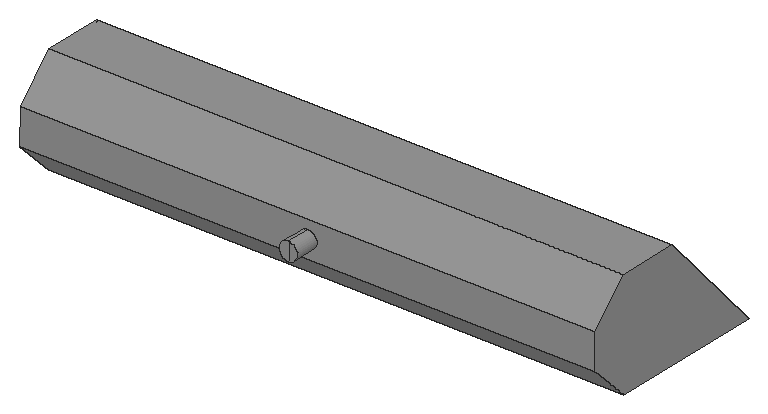
Revit family "Urinal-Wiloughby-1548-WWU", category Plumbing Fixtures, Revit 2015
Parameters (values of type "1548")
  Width = 4' - 0"
  Waste DIA = 1 1/2"
  Waste Connection = yes
  Vent Connection = no
  URL = "https://www.willoughby-ind.com/wp-content/uploads/2018/01/WWU-1500.pdf"
  Type Comments = ""
  Revision = "A"
  Model = "WWU-1548"
  Manufacturer = "Willoughby Industries"
  HW Connection = no
  Fixture Body = Stainless Steel AISI 304-Willoughby
  Description = "48\" Trough Urinal"
  Default Elevation = 0' - 0"
  Contact = "(800) 428-4065"
  CW Connection = no
  48" = yes
Reference planes (in)
  plane 1 "Center (Front/Back)Floor Level": y = 0
  plane 2: z = 0
  plane 3 "Center (Left/Right)": x = 0
  plane 4: x = -24
  plane 5: x = 24
  plane 6: y = 42
Forms (in)
  Extrusion 1, solid, material "Stainless Steel AISI 304-Willoughby" <- "Fixture Body"
    sketch origin (0, 0, 0) x (0, 1, 0) y (0, 0, 1)
      loop
        line (42, 0) -> (34, 9) -> (29, 9) -> (26, 6) -> (26, 3) -> (29, 0) -> (42, 0)
    from -24 to 24
  Revolve 2, solid, material "Stainless Steel AISI 304-Willoughby" <- "Fixture Body", detail levels medium+fine
    sketch origin (0, 0, 0) x (0, 1, 0) y (0, 0, 1)
      loop
        line (26, 4.5) -> (26, 5.25) -> (24, 5.25) -> (24, 4.5) -> (26, 4.5)
      axis (26, 4.5) -> (24, 4.5)
    angle from 0 to 360
  Extrusion 3, void
    sketch origin (0, 0, 0) x (0, 1, 0) y (0, 0, 1)
      loop
        line (42.78883, 0.09375) -> (42.78883, 8.90625) -> (29.03883, 8.90625) -> (26.09375, 5.96117) -> (26.09375, 3.03883) -> (29.03883, 0.09375) -> (42.78883, 0.09375)
    from -23.90625 to 23.90625
Cuts and joins
  Extrusion 3 cuts Extrusion 1
Lines and regions (in)
  symbolic lines
    curve 1: line (24, 26, 0) -> (-24, 26, 0)
    curve 2: line (-24, 26, 0) -> (-24, 42, 0)
    curve 3: line (-24, 42, 0) -> (24, 42, 0)
    curve 4: line (24, 42, 0) -> (24, 26, 0)
    curve 5: line (-24, 29, 0) -> (24, 29, 0)
    curve 19: line (-24, 26, 0) -> (-24, 42, 0)
    curve 22: line (-24, 34, 0) -> (24, 34, 0)
  symbolic lines, detail levels fine
    curve 6: line (-24, 34, 0) -> (24, 34, 0)
    curve 21: line (24, 26, 0) -> (-24, 26, 0)
  symbolic lines, detail levels medium+fine
    curve 7: line (24, 0, 0) -> (24, 0, 9)
    curve 8: line (24, 0, 9) -> (-24, 0, 9)
    curve 9: line (-24, 0, 9) -> (-24, 0, 0)
    curve 10: line (-24, 0, 0) -> (24, 0, 0)
    curve 11: line (24, 0, 6) -> (-24, 0, 6)
    curve 12: line (24, 0, 3) -> (-24, 0, 3)
    curve 13: line (0, 42, 0) -> (0, 34, 9)
    curve 14: line (0, 34, 9) -> (0, 29, 9)
    curve 15: line (0, 29, 9) -> (0, 26, 6)
    curve 16: line (0, 26, 6) -> (0, 26, 3)
    curve 17: line (0, 26, 3) -> (0, 29, 0)
    curve 18: line (0, 29, 0) -> (0, 42, 0)
    curve 20: line (24, 42, 0) -> (24, 26, 0)
    curve 23: line (-24, 29, 0) -> (24, 29, 0)
Dimensions and locks (in)
  "Width": plane 4 to plane 5
  equal spacing: plane 4, plane 3 "Center (Left/Right)", plane 5
  plane 1 "Center (Front/Back)Floor Level" to plane 6 = 3' - 6"
  plane 3 "Center (Left/Right)" to Extrusion 1 = 2' - 0"
  locked: cut or joined group of Extrusion 1, Extrusion 3 to plane 5 at 0.09375
  locked: cut or joined group of Extrusion 1, Extrusion 3 to cut or joined group of Extrusion 1, Extrusion 3 at 0.09375
  aligned and locked: Extrusion 1 to level
  aligned and locked: plane 4 to Extrusion 1
  aligned and locked: Extrusion 1 to plane 5
  aligned and locked: Revolve 2 sketch curve to Revolve 2 sketch curve  (x2)
  aligned and locked: curve 2 to curve 5
  aligned and locked: curve 5 to cut or joined group of Extrusion 1, Extrusion 3
  aligned and locked: curve 6 to cut or joined group of Extrusion 1, Extrusion 3
  aligned and locked: curve 12 to cut or joined group of Extrusion 1, Extrusion 3
Automatic sketch dimensions
  Extrusion 1 sketch curve to level = 0' - 0"
  Extrusion 1 sketch curve to plane 6 = 0' - 0"
  Extrusion 1 sketch curve to plane 6 = 0' - 8"
  Extrusion 1 sketch curve to Extrusion 1 sketch curve = 0' - 5"  (x2)
  level to Extrusion 1 sketch curve = 0' - 3"
  Extrusion 1 sketch curve to Extrusion 1 sketch curve = 0' - 3"  (x3)
  level to Revolve 2 sketch curve = 0' - 4 1/2"
  Revolve 2 sketch curve to plane 6 = 1' - 6"
  Revolve 2 sketch curve to Revolve 2 sketch curve = 0' - 2"
  Revolve 2 sketch curve to Revolve 2 sketch curve = 0' - 0 3/4"
  Revolve 2 sketch curve to Revolve 2 sketch curve = 0' - 0"
  level to Extrusion 3 sketch curve = 0' - 5.96117"
  Extrusion 3 sketch curve to plane 6 = 1' - 3 29/32"
  level to Extrusion 3 sketch curve = 0' - 0 3/32"
  Extrusion 3 sketch curve to Extrusion 3 sketch curve = 0' - 2.94508"  (x2)
  plane 6 to Extrusion 3 sketch curve = 0' - 0.78883"
  Extrusion 3 sketch curve to Extrusion 3 sketch curve = 0' - 2.92233"
  Extrusion 3 sketch curve to Extrusion 3 sketch curve = 0' - 8 13/16"
  curve 10 to level = 0' - 0"
  plane 4 to curve 10 = 0' - 0"
  plane 5 to curve 10 = 0' - 0"
  level to curve 7 = 0' - 9"
  curve 11 to curve 7 = 0' - 3"
  curve 18 to level = 0' - 0"
  curve 13 to plane 6 = 0' - 0"
  curve 14 to plane 6 = 0' - 8"
  curve 15 to curve 13 = 0' - 5"
  level to curve 15 = 0' - 6"
  curve 15 to curve 14 = 0' - 3"  (x2)
  level to curve 17 = 0' - 3"
  curve 16 to curve 17 = 0' - 3"
  curve 23 to plane 4 = 0' - 0"
  curve 23 to plane 5 = 0' - 0"
  curve 4 to plane 6 = 0' - 0"
  curve 19 to curve 5 = 0' - 3"
  curve 23 to curve 5 = 0' - 0"
  curve 22 to curve 6 = 0' - 0"
Connectors (in)
  piping at (0, 24, 4.5), diameter 1.5, driven by "Waste DIA", driven by "Waste Connection"
    settings: on Revolve 2, index 1, connector inside diameter 24", connector length 0' - 0", flow factor 0, pipe flow 0 GPM, pressure drop 0.00 psi, fitting loss kfactor 0, connector angle 0.00°, fixture units 0, engagement length 0' - 0", angle of deflection 0.00°, flow configuration 0, flow direction 2, fitting loss method 0, system type 16, joint type 0, gender type 0, connector reference index -1, connector utility 1, adjustable connector no, is connector primary yes, connector description "Urinal Waste"
